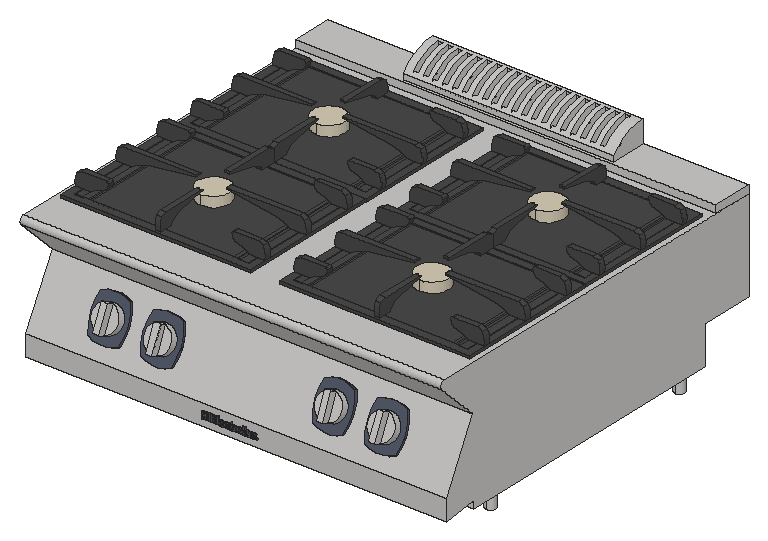
Revit family "QF_ELECTROLUXPROFESSIONAL_371401_E7AAKTAOMEI", category Attrezzature speciali, Revit 2018
Family settings
  Quota connettore circolare = Usa diametro
  Tipo di parte = Normale
  Basato su piano di lavoro = No
  Sempre verticale = Sì
  Taglio con vuoti quando caricato = No
  Condiviso = No
  Punto di calcolo locali = No
Parameters (values of type "Standard")
  Weight = 38.00 kg
  Watts = 0 W
  Volts = 0 V
  URL Manufacturer = "https://www.electroluxprofessional.com/"
  URL = "https://www.electroluxprofessional.com/"
  Steam Supply Size = 0"
  Steam Supply Minimum Pressure = 0.00 psi
  Steam Supply Maximum Pressure = 0.00 psi
  Steam Consumption per Hour = 0
  Show Logo [instance] = yes
  Show Clearance [instance] = yes
  Refrigeration Suction Line Size = 0 mm
  Refrigeration Liquid Line Size = 0 mm
  Refrigerant Compressor Remote = yes
  Phase = 0
  Modello = "E7AAKTAOMEI"
  Produttore = "Electrolux Professional"
  Length Actual = 800 mm  # constant formula
  Item Number = "371401"
  Hot Water Size = 0"
  Height Actual = 250 mm  # constant formula
  HP = "0 HP"
  Gas Size = 1/2"
  Gas KW = 22
  Gas Input Pressure = 0.738606 Btu/h
  Direct Waste Size = 0"
  Descrizione = "4-BURNER GAS BOILING TOP 800MM - QMARK"
  Depth Actual = 730 mm  # constant formula
  Cycle = 0 Hz
  Condensate Return Size = 0"
  Compressed Air Volume = 0 GPM
  Compressed Air Size = 0"
  Compressed Air Pressure = 0.00 psi
  Cold Water Size = 0"
  Assembly Code = ""
  Accessory = yes
Values of the unnamed type that differ from the named types
  Weight = 0.00 kg
  URL Manufacturer = ""
  Item Number = ""
  HP = ""
  Gas KW = 0
  Gas Input Pressure = 0.0 Btu/h
Reference planes
  plane 1 "BACK": y = 0
  plane 2: z = 0
  plane 3 "LEFT": x = 0
  plane 4 "RIGHT": x = 800
  plane 5 "FRONT": y = -730
  plane 6 "TOP": z = 303.188
  plane 7 "Center Y": x = 400
  plane 8 "Center X": y = -365
  plane 9 "Base Height": z = 23.813
  plane 10: z = 274.613
  plane 11: z = 331.787
Forms (mm)
  Extrusion 1, solid, material "QF_Finishes_Stainless Steel"
    sketch origin (0, 0, 0) x (0, 1, 0) y (0, 0, 1)
      loop
        line (0, 98.425) -> (0, 274.612) -> (-721.5, 274.612)
        arc (-721.5, 274.612) -> (-729.472, 269.285) -> (-727.602, 259.881) r 8.63
        line (-727.602, 259.881) -> (-654.039, 186.318) -> (-715.962, 68.584) -> (-715.962, 30.162) -> (-655.839, 38.612)
        arc (-655.839, 38.612) -> (-653.314, 37.864) -> (-652.222, 35.468) r 3.175
        line (-652.222, 35.468) -> (-652.222, 23.813) -> (-103.188, 23.813) -> (-103.188, 98.425) -> (0, 98.425)
    from 0 to 800
  Extrusion 2, solid, material "QF_Finishes_Stainless Steel"
    sketch origin (0, 0, 0) x (0, 1, 0) y (0, 0, 1)
      loop
        line (0, 274.612) -> (0, 288.9) -> (-76.2, 288.9) -> (-76.2, 274.612) -> (0, 274.612)
    from 0 to 800
  Extrusion 3, solid, material "QF_Finishes_Stainless Steel"
    sketch origin (0, 0, 0) x (1, 0, 0) y (0, 1, 0)
      loop
        circle (11.112, -149.225) r 9.525
      loop
        circle (788.888, -149.225) r 9.525
      loop
        circle (11.112, -598.488) r 9.525
      loop
        circle (788.888, -598.488) r 9.525
    from 0 to 23.812
  Extrusion 4, solid, material "QF_Finishes_Stainless Steel"
    sketch origin (0, -103.188, 23.813) x (0, 0, 1) y (1, 0, 0)
      loop
        circle (36.513, 400) r 6.35
    from 0 to 26.988
  Extrusion 5, solid, material "QF_Finishes_Navy Blue", visible <- "Show Logo"
    sketch origin (47.249, -715.962, 35.665) x (0, 0, 1) y (-1, 0, 0)
      loop
        line (20.674, -296.698) -> (8.307, -296.698)
        arc (8.307, -296.698) -> (14.491, -301.27) -> (20.674, -296.698) r 6.467
      loop
        arc (20.674, -296.069) -> (19.505, -290.926) -> (14.849, -288.448) r 6.338
        line (14.849, -288.448) -> (14.849, -290.494)
        arc (14.849, -290.494) -> (16.333, -294.149) -> (19.778, -296.069) r 5.941
        line (19.778, -296.069) -> (20.674, -296.069)
      loop
        arc (9.203, -296.069) -> (12.648, -294.149) -> (14.132, -290.494) r 5.941
        line (14.132, -290.494) -> (14.132, -288.448)
        arc (14.132, -288.448) -> (9.438, -290.922) -> (8.148, -296.069) r 6.504
        line (8.148, -296.069) -> (9.203, -296.069)
      loop
        line (21.349, -287.979) -> (7.604, -287.979) -> (7.604, -301.742) -> (21.349, -301.742) -> (21.349, -287.979)
      loop
        arc (21.432, -304.71) -> (21.085, -304.352) -> (20.718, -304.69) r 0.358
        arc (20.718, -304.69) -> (20.404, -305.44) -> (19.687, -305.825) r 1.216
        line (19.687, -305.825) -> (9.274, -305.825)
        arc (9.274, -305.825) -> (8.614, -305.548) -> (8.218, -304.951) r 1.238
        arc (8.218, -304.951) -> (7.823, -304.7) -> (7.518, -305.054) r 0.358
        line (7.518, -305.054) -> (7.518, -314.933) -> (10.269, -314.933) -> (10.269, -314.036)
        arc (10.269, -314.036) -> (9.36, -313.456) -> (8.904, -312.479) r 1.928
        line (8.904, -312.479) -> (8.904, -309.98)
        arc (8.904, -309.98) -> (9.18, -309.251) -> (9.868, -308.887) r 1.101
        line (9.868, -308.887) -> (13.955, -308.887) -> (13.955, -312.561)
        arc (13.955, -312.561) -> (13.602, -313.058) -> (13.037, -313.286) r 1.083
        arc (13.037, -313.286) -> (12.773, -313.591) -> (13.065, -313.869) r 0.292
        line (13.065, -313.869) -> (16.028, -313.869)
        arc (16.028, -313.869) -> (16.33, -313.596) -> (16.092, -313.266) r 0.305
        arc (16.092, -313.266) -> (15.601, -313.018) -> (15.296, -312.561) r 1.083
        line (15.296, -312.561) -> (15.296, -308.887) -> (19.973, -308.887) -> (19.973, -312.635)
        arc (19.973, -312.635) -> (19.759, -313.39) -> (19.153, -313.888) r 1.314
        arc (19.153, -313.888) -> (18.934, -314.292) -> (19.288, -314.585) r 0.361
        line (19.288, -314.585) -> (21.432, -314.585) -> (21.432, -304.71)
      loop
        arc (20.715, -315.365) -> (20.335, -316.284) -> (19.416, -316.664) r 1.299
        line (19.416, -316.664) -> (9.837, -316.664)
        arc (9.837, -316.664) -> (8.999, -316.286) -> (8.728, -315.408) r 1.118
        line (8.728, -315.408) -> (7.518, -315.408) -> (7.518, -320.758) -> (8.706, -320.758)
        arc (8.706, -320.758) -> (8.978, -319.841) -> (9.848, -319.445) r 1.153
        line (9.848, -319.445) -> (21.92, -319.445) -> (20.715, -315.365)
      loop
        line (12.483, -323.394) -> (12.483, -329.842) -> (13.282, -329.842)
        arc (13.282, -329.842) -> (15.862, -328.857) -> (17.131, -326.404) r 3.874
        line (17.131, -326.404) -> (17.131, -324.643)
        arc (17.131, -324.643) -> (15.944, -321.778) -> (13.08, -320.592) r 4.051
        line (13.08, -320.592) -> (11.072, -320.592)
        arc (11.072, -320.592) -> (8.253, -322.077) -> (7.202, -325.084) r 4.352
        arc (7.202, -325.084) -> (7.566, -327.547) -> (8.943, -329.621) r 5.713
        line (8.943, -329.621) -> (9.892, -329.621)
        arc (9.892, -329.621) -> (9.16, -328.052) -> (8.943, -326.334) r 5.579
        arc (8.943, -326.334) -> (9.737, -324.371) -> (11.616, -323.394) r 3.057
        line (11.616, -323.394) -> (12.483, -323.394)
      loop
        line (13.742, -323.394) -> (13.742, -326.977)
        arc (13.742, -326.977) -> (15.199, -327.024) -> (16.082, -325.864) r 1.59
        line (16.082, -325.864) -> (16.082, -325.034)
        arc (16.082, -325.034) -> (15.217, -323.779) -> (13.742, -323.394) r 2.184
      loop
        arc (16.533, -339.259) -> (17.022, -337.585) -> (17.179, -335.848) r 9.023
        line (17.179, -335.848) -> (17.179, -334.486)
        arc (17.179, -334.486) -> (16.02, -331.686) -> (13.22, -330.527) r 3.959
        line (13.22, -330.527) -> (10.62, -330.527)
        arc (10.62, -330.527) -> (8.338, -331.819) -> (7.221, -334.192) r 4.331
        line (7.221, -334.192) -> (7.221, -336.327)
        arc (7.221, -336.327) -> (7.729, -337.877) -> (8.651, -339.223) r 5.772
        arc (8.651, -339.223) -> (9.412, -339.274) -> (9.499, -338.515) r 0.553
        arc (9.499, -338.515) -> (9.111, -337.781) -> (8.977, -336.962) r 2.573
        line (8.977, -336.962) -> (8.977, -335.447)
        arc (8.977, -335.447) -> (9.983, -333.806) -> (11.798, -333.163) r 2.884
        line (11.798, -333.163) -> (13.077, -333.163)
        arc (13.077, -333.163) -> (14.898, -333.723) -> (15.824, -335.388) r 2.554
        line (15.824, -335.388) -> (15.824, -336.441)
        arc (15.824, -336.441) -> (15.493, -337.369) -> (14.836, -338.104) r 2.564
        arc (14.836, -338.104) -> (14.614, -338.821) -> (15.223, -339.259) r 0.643
        line (15.223, -339.259) -> (16.533, -339.259)
      loop
        line (15.515, -339.53) -> (15.515, -341.031) -> (9.467, -341.031)
        arc (9.467, -341.031) -> (7.879, -341.688) -> (7.221, -343.276) r 2.246
        line (7.221, -343.276) -> (7.221, -344.86)
        arc (7.221, -344.86) -> (7.535, -345.725) -> (8.035, -346.496) r 4.06
        arc (8.035, -346.496) -> (8.768, -346.629) -> (9.019, -345.928) r 0.576
        arc (9.019, -345.928) -> (8.913, -345.403) -> (8.977, -344.87) r 1.69
        arc (8.977, -344.87) -> (9.519, -344.082) -> (10.425, -343.779) r 1.506
        line (10.425, -343.779) -> (15.563, -343.779) -> (15.563, -346.176) -> (16.119, -346.733) -> (16.941, -346.733) -> (16.941, -343.873) -> (20.172, -343.873) -> (15.515, -339.53)
      loop
        line (7.438, -347.63) -> (7.438, -353.017) -> (8.548, -353.017)
        arc (8.548, -353.017) -> (8.942, -352.066) -> (9.893, -351.672) r 1.345
        line (9.893, -351.672) -> (13.509, -351.672)
        arc (13.509, -351.672) -> (14.274, -352.264) -> (14.564, -353.186) r 1.615
        line (14.564, -353.186) -> (14.564, -354.742) -> (17.119, -355.427) -> (17.119, -354.044) -> (15.177, -351.485) -> (17.057, -351.485) -> (16.773, -348.779)
        arc (16.773, -348.779) -> (16.333, -348.249) -> (15.674, -348.45) r 0.621
        arc (15.674, -348.45) -> (15.274, -348.792) -> (14.78, -348.975) r 1.501
        line (14.78, -348.975) -> (9.893, -348.975)
        arc (9.893, -348.975) -> (8.942, -348.581) -> (8.548, -347.63) r 1.345
        line (8.548, -347.63) -> (7.438, -347.63)
      loop
        line (13.54, -354.964) -> (10.848, -354.964)
        arc (10.848, -354.964) -> (8.403, -356.272) -> (7.269, -358.803) r 4.288
        arc (7.269, -358.803) -> (7.205, -360.183) -> (7.269, -361.563) r 15.022
        arc (7.269, -361.563) -> (8.403, -364.094) -> (10.848, -365.401) r 4.288
        line (10.848, -365.401) -> (13.54, -365.401)
        arc (13.54, -365.401) -> (15.986, -364.094) -> (17.119, -361.563) r 4.288
        arc (17.119, -361.563) -> (17.183, -360.183) -> (17.119, -358.803) r 15.022
        arc (17.119, -358.803) -> (15.986, -356.272) -> (13.54, -354.964) r 4.288
      loop
        line (13.745, -358.078) -> (10.643, -358.078)
        arc (10.643, -358.078) -> (8.486, -360.235) -> (10.643, -362.392) r 2.157
        line (10.643, -362.392) -> (13.745, -362.392)
        arc (13.745, -362.392) -> (15.902, -360.235) -> (13.745, -358.078) r 2.157
      loop
        arc (20.726, -365.26) -> (20.355, -366.154) -> (19.461, -366.524) r 1.264
        line (19.461, -366.524) -> (9.597, -366.524)
        arc (9.597, -366.524) -> (8.727, -366.127) -> (8.455, -365.211) r 1.153
        line (8.455, -365.211) -> (7.518, -365.211) -> (7.518, -370.319) -> (8.446, -370.319)
        arc (8.446, -370.319) -> (8.805, -369.547) -> (9.597, -369.232) r 1.153
        line (9.597, -369.232) -> (21.92, -369.232) -> (20.726, -365.26)
      loop
        arc (15.846, -369.857) -> (15.647, -370.921) -> (14.678, -371.403) r 1.215
        line (14.678, -371.403) -> (9.658, -371.403)
        arc (9.658, -371.403) -> (8.043, -372.051) -> (7.322, -373.634) r 2.338
        line (7.322, -373.634) -> (7.322, -375.148)
        arc (7.322, -375.148) -> (7.497, -376.152) -> (7.999, -377.038) r 2.979
        line (7.999, -377.038) -> (7.518, -378.835) -> (7.518, -380.524) -> (16.943, -380.524) -> (16.649, -376.32) -> (15.863, -376.32)
        arc (15.863, -376.32) -> (15.507, -377.156) -> (14.755, -377.665) r 1.605
        line (14.755, -377.665) -> (9.652, -377.665)
        arc (9.652, -377.665) -> (9.232, -376.728) -> (9.159, -375.704) r 2.94
        arc (9.159, -375.704) -> (9.72, -374.603) -> (10.873, -374.16) r 1.724
        line (10.873, -374.16) -> (17.07, -374.16) -> (15.846, -369.857)
      loop
        line (16.874, -381.377) -> (15.202, -383.423) -> (12.028, -385.729) -> (8.572, -382.617)
        arc (8.572, -382.617) -> (8.335, -382.223) -> (8.357, -381.764) r 0.789
        line (8.357, -381.764) -> (7.518, -381.764) -> (7.518, -385.309) -> (8.344, -385.309)
        arc (8.344, -385.309) -> (8.686, -384.947) -> (9.176, -385.039) r 0.52
        line (9.176, -385.039) -> (10.976, -386.51) -> (8.858, -387.886)
        arc (8.858, -387.886) -> (8.457, -387.576) -> (8.37, -387.076) r 0.7
        line (8.37, -387.076) -> (7.518, -387.076) -> (7.518, -393.003) -> (8.405, -393.003)
        arc (8.405, -393.003) -> (8.472, -392.344) -> (8.866, -391.813) r 1.247
        line (8.866, -391.813) -> (13.066, -388.532) -> (15.513, -390.585) -> (16.874, -392.327) -> (16.874, -388.604) -> (15.389, -389.026) -> (13.868, -387.749) -> (15.568, -386.559) -> (16.874, -387.336) -> (16.874, -381.377)
    from 0 to 1.644
  Extrusion 6, solid, material "QF_Finishes_Clearance", visible <- "Show Clearance", detail levels coarse
    sketch origin (0, 0, 0) x (1, 0, 0) y (0, 1, 0)
      loop
        line (0, -730) -> (0, 0) -> (800, 0) -> (800, -730) -> (950, -730) -> (950, 150) -> (-150, 150) -> (-150, -730) -> (0, -730)
    from 0 to 331.787
  Extrusion 7, solid, material "QF_Finishes_Navy Blue"
    sketch origin (-402.256, -713.772, 69.003) x (0, 0.418102, 0.9084) y (-1, 0, 0)
      loop
        arc (102.623, -510.47) -> (67.041, -502.846) -> (31.333, -509.853) r 90.5
        arc (31.333, -509.853) -> (24.507, -539.04) -> (31.333, -568.228) r 65.817
        arc (31.333, -568.228) -> (67.04, -575.188) -> (102.623, -567.615) r 91.066
        arc (102.623, -567.615) -> (109.179, -539.043) -> (102.623, -510.47) r 65.546
    from 0 to 3.175
  Extrusion 8, solid, material "QF_Finishes_Stainless Steel"
    sketch origin (-23.506, -717.485, 68.529) x (0, 0.418102, 0.9084) y (-1, 0, 0)
      loop
        circle (68.826, -160.963) r 25.4
    from 0 to 12.7
  Extrusion 9, solid, material "QF_Finishes_Stainless Steel"
    sketch origin (-23.506, -729.022, 73.839) x (0, 0.418102, 0.9084) y (-1, 0, 0)
      loop
        arc (93.558, -166.749) -> (94.226, -160.963) -> (93.558, -155.177) r 25.4
        line (93.558, -155.177) -> (44.094, -155.177)
        arc (44.094, -155.177) -> (43.426, -160.963) -> (44.094, -166.749) r 25.4
        line (44.094, -166.749) -> (93.558, -166.749)
    from 0 to 12.7
  Extrusion 10, solid, material "QF_Finishes_Navy Blue"
    sketch origin (-302.256, -713.772, 69.003) x (0, 0.418102, 0.9084) y (-1, 0, 0)
      loop
        arc (102.623, -510.47) -> (67.041, -502.846) -> (31.333, -509.853) r 90.5
        arc (31.333, -509.853) -> (24.507, -539.04) -> (31.333, -568.228) r 65.817
        arc (31.333, -568.228) -> (67.04, -575.188) -> (102.623, -567.615) r 91.066
        arc (102.623, -567.615) -> (109.179, -539.043) -> (102.623, -510.47) r 65.546
    from 0 to 3.175
  Extrusion 11, solid, material "QF_Finishes_Stainless Steel"
    sketch origin (76.494, -717.485, 68.529) x (0, 0.418102, 0.9084) y (-1, 0, 0)
      loop
        circle (68.826, -160.963) r 25.4
    from 0 to 12.7
  Extrusion 12, solid, material "QF_Finishes_Stainless Steel"
    sketch origin (76.494, -729.022, 73.839) x (0, 0.418102, 0.9084) y (-1, 0, 0)
      loop
        arc (93.558, -166.749) -> (94.226, -160.963) -> (93.558, -155.177) r 25.4
        line (93.558, -155.177) -> (44.094, -155.177)
        arc (44.094, -155.177) -> (43.426, -160.963) -> (44.094, -166.749) r 25.4
        line (44.094, -166.749) -> (93.558, -166.749)
    from 0 to 12.7
  Extrusion 13, void
    sketch origin (234.989, 0, 288.925) x (-1, 0, 0) y (0, -1, 0)
      loop
        line (-335.017, 6.761) -> (-335.017, 63.911) -> (-344.313, 63.911) -> (-344.313, 6.761) -> (-335.017, 6.761)
      loop
        line (-316.325, 6.761) -> (-316.325, 63.911) -> (-325.62, 63.911) -> (-325.62, 6.761) -> (-316.325, 6.761)
      loop
        line (-297.632, 6.761) -> (-297.632, 63.911) -> (-306.928, 63.911) -> (-306.928, 6.761) -> (-297.632, 6.761)
      loop
        line (-278.94, 6.761) -> (-278.94, 63.911) -> (-288.235, 63.911) -> (-288.235, 6.761) -> (-278.94, 6.761)
      loop
        line (-260.247, 6.761) -> (-260.247, 63.911) -> (-269.543, 63.911) -> (-269.543, 6.761) -> (-260.247, 6.761)
      loop
        line (-241.554, 6.761) -> (-241.554, 63.911) -> (-250.85, 63.911) -> (-250.85, 6.761) -> (-241.554, 6.761)
      loop
        line (-222.862, 6.761) -> (-222.862, 63.911) -> (-232.157, 63.911) -> (-232.157, 6.761) -> (-222.862, 6.761)
      loop
        line (-204.169, 6.761) -> (-204.169, 63.911) -> (-213.465, 63.911) -> (-213.465, 6.761) -> (-204.169, 6.761)
      loop
        line (-185.476, 6.761) -> (-185.476, 63.911) -> (-194.772, 63.911) -> (-194.772, 6.761) -> (-185.476, 6.761)
      loop
        line (-166.784, 6.761) -> (-166.784, 63.911) -> (-176.08, 63.911) -> (-176.08, 6.761) -> (-166.784, 6.761)
      loop
        line (-148.091, 6.761) -> (-148.091, 63.911) -> (-157.387, 63.911) -> (-157.387, 6.761) -> (-148.091, 6.761)
      loop
        line (-129.399, 6.761) -> (-129.399, 63.911) -> (-138.694, 63.911) -> (-138.694, 6.761) -> (-129.399, 6.761)
      loop
        line (-110.706, 6.761) -> (-110.706, 63.911) -> (-120.002, 63.911) -> (-120.002, 6.761) -> (-110.706, 6.761)
      loop
        line (-92.013, 6.761) -> (-92.013, 63.911) -> (-101.309, 63.911) -> (-101.309, 6.761) -> (-92.013, 6.761)
      loop
        line (-73.321, 6.761) -> (-73.321, 63.911) -> (-82.617, 63.911) -> (-82.617, 6.761) -> (-73.321, 6.761)
      loop
        line (-54.628, 6.761) -> (-54.628, 63.911) -> (-63.924, 63.911) -> (-63.924, 6.761) -> (-54.628, 6.761)
      loop
        line (-35.936, 6.761) -> (-35.936, 63.911) -> (-45.231, 63.911) -> (-45.231, 6.761) -> (-35.936, 6.761)
      loop
        line (-17.243, 6.761) -> (-17.243, 63.911) -> (-26.539, 63.911) -> (-26.539, 6.761) -> (-17.243, 6.761)
      loop
        line (1.45, 6.761) -> (1.45, 63.911) -> (-7.846, 63.911) -> (-7.846, 6.761) -> (1.45, 6.761)
      loop
        line (20.142, 6.761) -> (20.142, 63.911) -> (10.846, 63.911) -> (10.846, 6.761) -> (20.142, 6.761)
    from 9.525 to 45.348
  Extrusion 14, solid, material "QF_Finishes_Stainless Steel"
    sketch origin (200, 0, 14.288) x (0, 1, 0) y (0, 0, 1)
      loop
        line (0, 274.613) -> (0, 317.5)
        arc (0, 317.5) -> (-38.885, 309.109) -> (-69.85, 284.137) r 86.116
        line (-69.85, 284.137) -> (-69.85, 274.613) -> (0, 274.613)
    from 0 to 400
  Extrusion 15, solid, material "QF_Finishes_Navy Blue"
    sketch origin (1202.256, -713.772, 69.003) x (0, 0.418102, 0.9084) y (-1, 0, 0)
      loop
        arc (102.623, 510.47) -> (109.179, 539.043) -> (102.623, 567.615) r 65.546
        arc (102.623, 567.615) -> (67.04, 575.188) -> (31.333, 568.228) r 91.066
        arc (31.333, 568.228) -> (24.507, 539.04) -> (31.333, 509.853) r 65.817
        arc (31.333, 509.853) -> (67.041, 502.846) -> (102.623, 510.47) r 90.5
    from 0 to 3.175
  Extrusion 16, solid, material "QF_Finishes_Stainless Steel"
    sketch origin (1581.006, -717.485, 68.529) x (0, 0.418102, 0.9084) y (-1, 0, 0)
      loop
        circle (68.826, 918.463) r 25.4
    from 0 to 12.7
  Extrusion 17, solid, material "QF_Finishes_Stainless Steel"
    sketch origin (1581.006, -729.022, 73.839) x (0, 0.418102, 0.9084) y (-1, 0, 0)
      loop
        line (93.558, 924.249) -> (44.094, 924.249)
        arc (44.094, 924.249) -> (43.426, 918.463) -> (44.094, 912.677) r 25.4
        line (44.094, 912.677) -> (93.558, 912.677)
        arc (93.558, 912.677) -> (94.226, 918.463) -> (93.558, 924.249) r 25.4
    from 0 to 12.7
  Extrusion 18, solid, material "QF_Finishes_Navy Blue"
    sketch origin (1102.256, -713.772, 69.003) x (0, 0.418102, 0.9084) y (-1, 0, 0)
      loop
        arc (102.623, 510.47) -> (109.179, 539.043) -> (102.623, 567.615) r 65.546
        arc (102.623, 567.615) -> (67.04, 575.188) -> (31.333, 568.228) r 91.066
        arc (31.333, 568.228) -> (24.507, 539.04) -> (31.333, 509.853) r 65.817
        arc (31.333, 509.853) -> (67.041, 502.846) -> (102.623, 510.47) r 90.5
    from 0 to 3.175
  Extrusion 19, solid, material "QF_Finishes_Stainless Steel"
    sketch origin (1481.006, -717.485, 68.529) x (0, 0.418102, 0.9084) y (-1, 0, 0)
      loop
        circle (68.826, 918.463) r 25.4
    from 0 to 12.7
  Extrusion 20, solid, material "QF_Finishes_Stainless Steel"
    sketch origin (1481.006, -729.022, 73.839) x (0, 0.418102, 0.9084) y (-1, 0, 0)
      loop
        line (93.558, 924.249) -> (44.094, 924.249)
        arc (44.094, 924.249) -> (43.426, 918.463) -> (44.094, 912.677) r 25.4
        line (44.094, 912.677) -> (93.558, 912.677)
        arc (93.558, 912.677) -> (94.226, 918.463) -> (93.558, 924.249) r 25.4
    from 0 to 12.7
Cuts and joins
  Extrusion 13 cuts Extrusion 6
  Extrusion 13 cuts Extrusion 14
Lines and regions (mm)
  symbolic lines
    curve 1: line (0, -730.129, 0) -> (800, -730.129, 0)
    curve 2: line (0, 0, 0) -> (0, -730.129, 0)
    curve 3: line (800, 0, 0) -> (0, 0, 0)
    curve 4: line (800, -730.129, 0) -> (800, 0, 0)
    curve 5: line (0, -76.2, 0) -> (800, -76.2, 0)
    curve 6: line (0, -69.85, 0) -> (800, -69.85, 0)
    curve 7: line (0, -715.962, 0) -> (800, -715.963, 0)
    curve 11: line (214.847, -63.911, 0) -> (214.847, -6.761, 0)
    curve 12: line (214.847, -6.761, 0) -> (224.143, -6.761, 0)
    curve 13: line (224.143, -6.761, 0) -> (224.143, -63.911, 0)
    curve 14: line (224.143, -63.911, 0) -> (214.847, -63.911, 0)
    curve 15: line (233.539, -63.911, 0) -> (233.539, -6.761, 0)
    curve 16: line (233.539, -6.761, 0) -> (242.835, -6.761, 0)
    curve 17: line (242.835, -6.761, 0) -> (242.835, -63.911, 0)
    curve 18: line (242.835, -63.911, 0) -> (233.539, -63.911, 0)
    curve 19: line (252.232, -63.911, 0) -> (252.232, -6.761, 0)
    curve 20: line (252.232, -6.761, 0) -> (261.528, -6.761, 0)
    curve 21: line (261.528, -6.761, 0) -> (261.528, -63.911, 0)
    curve 22: line (261.528, -63.911, 0) -> (252.232, -63.911, 0)
    curve 23: line (270.925, -63.911, 0) -> (270.925, -6.761, 0)
    curve 24: line (270.925, -6.761, 0) -> (280.22, -6.761, 0)
    curve 25: line (280.22, -6.761, 0) -> (280.22, -63.911, 0)
    curve 26: line (280.22, -63.911, 0) -> (270.925, -63.911, 0)
    curve 27: line (289.617, -63.911, 0) -> (289.617, -6.761, 0)
    curve 28: line (289.617, -6.761, 0) -> (298.913, -6.761, 0)
    curve 29: line (298.913, -6.761, 0) -> (298.913, -63.911, 0)
    curve 30: line (298.913, -63.911, 0) -> (289.617, -63.911, 0)
    curve 31: line (308.31, -63.911, 0) -> (308.31, -6.761, 0)
    curve 32: line (308.31, -6.761, 0) -> (317.606, -6.761, 0)
    curve 33: line (317.606, -6.761, 0) -> (317.606, -63.911, 0)
    curve 34: line (317.606, -63.911, 0) -> (308.31, -63.911, 0)
    curve 35: line (327.002, -63.911, 0) -> (327.002, -6.761, 0)
    curve 36: line (327.002, -6.761, 0) -> (336.298, -6.761, 0)
    curve 37: line (336.298, -6.761, 0) -> (336.298, -63.911, 0)
    curve 38: line (336.298, -63.911, 0) -> (327.002, -63.911, 0)
    curve 39: line (345.695, -63.911, 0) -> (345.695, -6.761, 0)
    curve 40: line (345.695, -6.761, 0) -> (354.991, -6.761, 0)
    curve 41: line (354.991, -6.761, 0) -> (354.991, -63.911, 0)
    curve 42: line (354.991, -63.911, 0) -> (345.695, -63.911, 0)
    curve 43: line (364.388, -63.911, 0) -> (364.388, -6.761, 0)
    curve 44: line (364.388, -6.761, 0) -> (373.683, -6.761, 0)
    curve 45: line (373.683, -6.761, 0) -> (373.683, -63.911, 0)
    curve 46: line (373.683, -63.911, 0) -> (364.388, -63.911, 0)
    curve 47: line (383.08, -63.911, 0) -> (383.08, -6.761, 0)
    curve 48: line (383.08, -6.761, 0) -> (392.376, -6.761, 0)
    curve 49: line (392.376, -6.761, 0) -> (392.376, -63.911, 0)
    curve 50: line (392.376, -63.911, 0) -> (383.08, -63.911, 0)
    curve 51: line (401.773, -63.911, 0) -> (401.773, -6.761, 0)
    curve 52: line (401.773, -6.761, 0) -> (411.069, -6.761, 0)
    curve 53: line (411.069, -6.761, 0) -> (411.069, -63.911, 0)
    curve 54: line (411.069, -63.911, 0) -> (401.773, -63.911, 0)
    curve 55: line (420.466, -63.911, 0) -> (420.466, -6.761, 0)
    curve 56: line (420.466, -6.761, 0) -> (429.761, -6.761, 0)
    curve 57: line (429.761, -6.761, 0) -> (429.761, -63.911, 0)
    curve 58: line (429.761, -63.911, 0) -> (420.466, -63.911, 0)
    curve 59: line (439.158, -63.911, 0) -> (439.158, -6.761, 0)
    curve 60: line (439.158, -6.761, 0) -> (448.454, -6.761, 0)
    curve 61: line (448.454, -6.761, 0) -> (448.454, -63.911, 0)
    curve 62: line (448.454, -63.911, 0) -> (439.158, -63.911, 0)
    curve 63: line (570.006, -63.911, 0) -> (570.006, -6.761, 0)
    curve 64: line (570.006, -6.761, 0) -> (579.302, -6.761, 0)
    curve 65: line (579.302, -6.761, 0) -> (579.302, -63.911, 0)
    curve 66: line (579.302, -63.911, 0) -> (570.006, -63.911, 0)
    curve 67: line (551.314, -63.911, 0) -> (551.314, -6.761, 0)
    curve 68: line (551.314, -6.761, 0) -> (560.61, -6.761, 0)
    curve 69: line (560.61, -6.761, 0) -> (560.61, -63.911, 0)
    curve 70: line (560.61, -63.911, 0) -> (551.314, -63.911, 0)
    curve 71: line (532.621, -63.911, 0) -> (532.621, -6.761, 0)
    curve 72: line (532.621, -6.761, 0) -> (541.917, -6.761, 0)
    curve 73: line (541.917, -6.761, 0) -> (541.917, -63.911, 0)
    curve 74: line (541.917, -63.911, 0) -> (532.621, -63.911, 0)
    curve 75: line (513.929, -63.911, 0) -> (513.929, -6.761, 0)
    curve 76: line (513.929, -6.761, 0) -> (523.224, -6.761, 0)
    curve 77: line (523.224, -6.761, 0) -> (523.224, -63.911, 0)
    curve 78: line (523.224, -63.911, 0) -> (513.929, -63.911, 0)
    curve 79: line (495.236, -63.911, 0) -> (495.236, -6.761, 0)
    curve 80: line (495.236, -6.761, 0) -> (504.532, -6.761, 0)
    curve 81: line (504.532, -6.761, 0) -> (504.532, -63.911, 0)
    curve 82: line (504.532, -63.911, 0) -> (495.236, -63.911, 0)
    curve 83: line (476.543, -63.911, 0) -> (476.543, -6.761, 0)
    curve 84: line (476.543, -6.761, 0) -> (485.839, -6.761, 0)
    curve 85: line (485.839, -6.761, 0) -> (485.839, -63.911, 0)
    curve 86: line (485.839, -63.911, 0) -> (476.543, -63.911, 0)
    curve 87: line (457.851, -63.911, 0) -> (457.851, -6.761, 0)
    curve 88: line (457.851, -6.761, 0) -> (467.146, -6.761, 0)
    curve 89: line (467.146, -6.761, 0) -> (467.146, -63.911, 0)
    curve 90: line (467.146, -63.911, 0) -> (457.851, -63.911, 0)
  symbolic lines, style "QF-Clearances", visible <- "Show Clearance", detail levels coarse
    curve 8: line (-150, -730, 0) -> (-150, 150, 0)
    curve 9: line (-150, 150, 0) -> (950, 150, 0)
    curve 10: line (950, 150, 0) -> (950, -730, 0)
Dimensions and locks
  equal spacing: plane 3 "LEFT", plane 7 "Center Y", plane 4 "RIGHT"
  plane 3 "LEFT" to plane 4 "RIGHT" = 800 mm
  equal spacing: plane 5 "FRONT", plane 8 "Center X", plane 1 "BACK"
  plane 5 "FRONT" to plane 1 "BACK" = 730 mm
  plane 9 "Base Height" to level = 23.812 mm
  plane 10 to plane 9 "Base Height" = 250.8 mm
  plane 6 "TOP" to plane 10 = 28.575 mm
  plane 11 to level = 331.788 mm
  aligned and locked: level to plane 2
Automatic sketch dimensions
  plane 5 "FRONT" to curve 8 = 0 mm
  curve 2 to plane 3 "LEFT" = 0 mm
  curve 5 to plane 4 "RIGHT" = 0 mm
  plane 5 "FRONT" to curve 10 = 0 mm
  plane 1 "BACK" to curve 3 = 0 mm
  curve 8 to plane 3 "LEFT" = 150 mm
  plane 1 "BACK" to curve 14 = 63.911 mm
  curve 14 to plane 7 "Center Y" = 185.153 mm
  curve 11 to curve 12 = 9.296 mm
  curve 12 to curve 16 = 9.397 mm
  curve 15 to curve 17 = 9.296 mm
  curve 17 to curve 22 = 9.397 mm
  curve 19 to curve 21 = 9.296 mm
  curve 20 to curve 23 = 9.397 mm
  curve 23 to curve 25 = 9.296 mm
  curve 24 to curve 27 = 9.397 mm
  curve 27 to curve 30 = 9.296 mm
  curve 29 to curve 31 = 9.397 mm
  curve 31 to curve 33 = 9.296 mm
  curve 33 to curve 38 = 9.397 mm
  curve 35 to curve 38 = 9.296 mm
  curve 37 to curve 42 = 9.397 mm
  curve 39 to curve 41 = 9.296 mm
  curve 40 to curve 43 = 9.397 mm
  curve 43 to curve 45 = 9.296 mm
  curve 44 to curve 48 = 9.397 mm
  curve 49 to plane 7 "Center Y" = 7.624 mm
  plane 7 "Center Y" to curve 54 = 1.773 mm
  curve 51 to curve 53 = 9.296 mm
  curve 52 to curve 56 = 9.397 mm
  curve 55 to curve 57 = 9.296 mm
  curve 56 to curve 59 = 9.397 mm
  curve 59 to curve 60 = 9.296 mm
  curve 60 to curve 87 = 9.397 mm
  curve 87 to curve 88 = 9.296 mm
  curve 88 to curve 84 = 9.397 mm
  curve 83 to curve 85 = 9.296 mm
  curve 84 to curve 80 = 9.397 mm
  curve 79 to curve 82 = 9.296 mm
  curve 81 to curve 78 = 9.397 mm
  curve 75 to curve 77 = 9.296 mm
  curve 77 to curve 71 = 9.397 mm
  curve 71 to curve 73 = 9.296 mm
  curve 73 to curve 67 = 9.397 mm
  curve 67 to curve 68 = 9.296 mm
  curve 68 to curve 63 = 9.397 mm
  curve 63 to curve 66 = 9.296 mm
  plane 4 "RIGHT" to curve 10 = 150 mm
  plane 5 "FRONT" to curve 2 = 0.129 mm
  curve 7 to plane 5 "FRONT" = 14.038 mm
  plane 1 "BACK" to curve 5 = 76.2 mm
  curve 5 to curve 6 = 6.35 mm
  plane 1 "BACK" to curve 87 = 63.911 mm
  curve 89 to curve 86 = 0 mm
  curve 85 to curve 82 = 0 mm
  curve 81 to curve 78 = 0 mm
  curve 13 to curve 15 = 0 mm
  curve 77 to curve 74 = 0 mm
  curve 17 to curve 19 = 0 mm
  curve 73 to curve 70 = 0 mm
  curve 21 to curve 23 = 0 mm
  curve 69 to curve 66 = 0 mm
  curve 25 to curve 27 = 0 mm
  curve 62 to curve 87 = 0 mm
  curve 29 to curve 31 = 0 mm
  curve 58 to curve 59 = 0 mm
  curve 33 to curve 35 = 0 mm
  curve 54 to curve 55 = 0 mm
  curve 37 to curve 39 = 0 mm
  curve 50 to curve 51 = 0 mm
  curve 41 to curve 43 = 0 mm
  plane 1 "BACK" to curve 45 = 6.761 mm
  plane 1 "BACK" to curve 47 = 6.761 mm
  plane 1 "BACK" to curve 41 = 6.761 mm
  plane 1 "BACK" to curve 51 = 6.761 mm
  plane 1 "BACK" to curve 37 = 6.761 mm
  plane 1 "BACK" to curve 55 = 6.761 mm
  plane 1 "BACK" to curve 33 = 6.761 mm
  plane 1 "BACK" to curve 59 = 6.761 mm
  plane 1 "BACK" to curve 29 = 6.761 mm
  plane 1 "BACK" to curve 63 = 6.761 mm
  plane 1 "BACK" to curve 25 = 6.761 mm
  plane 1 "BACK" to curve 67 = 6.761 mm
  plane 1 "BACK" to curve 21 = 6.761 mm
  plane 1 "BACK" to curve 71 = 6.761 mm
  plane 1 "BACK" to curve 17 = 6.761 mm
  plane 1 "BACK" to curve 75 = 6.761 mm
  plane 1 "BACK" to curve 13 = 6.761 mm
  plane 1 "BACK" to curve 79 = 6.761 mm
  plane 1 "BACK" to curve 89 = 6.761 mm
  plane 1 "BACK" to curve 83 = 6.761 mm
  curve 9 to plane 1 "BACK" = 150 mm
  Extrusion 1 sketch curve to plane 10 = 0 mm
  Extrusion 1 sketch curve to plane 9 "Base Height" = 0 mm
  Extrusion 1 sketch curve to plane 1 "BACK" = 0 mm
  Extrusion 1 sketch curve to Extrusion 1 sketch curve = 103.188 mm
  plane 9 "Base Height" to Extrusion 1 sketch curve = 11.656 mm
  Extrusion 1 sketch curve to plane 5 "FRONT" = 77.778 mm
  Extrusion 1 sketch curve to plane 5 "FRONT" = 75.961 mm
  Extrusion 1 sketch curve to Extrusion 1 sketch curve = 3.175 mm
  plane 9 "Base Height" to Extrusion 1 sketch curve = 14.8 mm
  plane 9 "Base Height" to Extrusion 1 sketch curve = 6.35 mm
  Extrusion 1 sketch curve to plane 5 "FRONT" = 14.038 mm
  Extrusion 1 sketch curve to plane 5 "FRONT" = 8.5 mm
  Extrusion 1 sketch curve to plane 5 "FRONT" = 2.398 mm
  Extrusion 1 sketch curve to Extrusion 1 sketch curve = 38.422 mm
  plane 9 "Base Height" to Extrusion 1 sketch curve = 74.612 mm
  Extrusion 1 sketch curve to plane 10 = 88.295 mm
  Extrusion 1 sketch curve to plane 10 = 14.732 mm
  Extrusion 2 sketch curve to plane 10 = 0 mm
  Extrusion 2 sketch curve to plane 1 "BACK" = 0 mm
  Extrusion 2 sketch curve to plane 6 "TOP" = 14.287 mm
  plane 1 "BACK" to Extrusion 2 sketch curve = 76.2 mm
  Extrusion 3 sketch curve to Extrusion 3 sketch curve = 0 mm  (x8)
  plane 3 "LEFT" to Extrusion 3 sketch curve = 11.112 mm  (x2)
  Extrusion 3 sketch curve to plane 4 "RIGHT" = 11.112 mm  (x2)
  Extrusion 3 sketch curve to plane 5 "FRONT" = 121.987 mm  (x2)
  Extrusion 3 sketch curve to Extrusion 3 sketch curve = 9.525 mm  (x4)
  plane 1 "BACK" to Extrusion 3 sketch curve = 158.75 mm  (x2)
  Extrusion 1 to Extrusion 4 sketch curve = 36.513 mm
  Extrusion 1 to Extrusion 4 sketch curve = 400 mm
  plane 7 "Center Y" to Extrusion 5 sketch curve = 7.432 mm
  plane 9 "Base Height" to Extrusion 5 sketch curve = 14.013 mm
  plane 9 "Base Height" to Extrusion 5 sketch curve = 19.054 mm
  Extrusion 5 sketch curve to plane 7 "Center Y" = 7.891 mm
  Extrusion 5 sketch curve to Extrusion 5 sketch curve = 5.06 mm
  Extrusion 5 sketch curve to Extrusion 5 sketch curve = 0 mm  (x28)
  Extrusion 5 sketch curve to Extrusion 5 sketch curve = 5.108 mm  (x2)
  Extrusion 5 sketch curve to Extrusion 5 sketch curve = 0.054 mm
  Extrusion 5 sketch curve to Extrusion 5 sketch curve = 0.218 mm
  Extrusion 5 sketch curve to Extrusion 5 sketch curve = 0.195 mm
  Extrusion 5 sketch curve to Extrusion 5 sketch curve = 0.249 mm
  plane 9 "Base Height" to Extrusion 5 sketch curve = 19.371 mm
  Extrusion 5 sketch curve to Extrusion 5 sketch curve = 0.087 mm
  Extrusion 5 sketch curve to Extrusion 5 sketch curve = 0.358 mm
  Extrusion 5 sketch curve to Extrusion 5 sketch curve = 0.481 mm
  Extrusion 5 sketch curve to Extrusion 5 sketch curve = 0.597 mm
  Extrusion 5 sketch curve to Extrusion 5 sketch curve = 0.544 mm
  Extrusion 5 sketch curve to Extrusion 5 sketch curve = 0.936 mm
  Extrusion 5 sketch curve to Extrusion 5 sketch curve = 0.594 mm
  Extrusion 5 sketch curve to Extrusion 5 sketch curve = 0.343 mm
  Extrusion 5 sketch curve to Extrusion 5 sketch curve = 0.159 mm
  Extrusion 5 sketch curve to Extrusion 5 sketch curve = 0.826 mm
  Extrusion 5 sketch curve to Extrusion 5 sketch curve = 0.839 mm
  Extrusion 5 sketch curve to Extrusion 5 sketch curve = 0.852 mm
  Extrusion 5 sketch curve to Extrusion 5 sketch curve = 0.887 mm
  Extrusion 5 sketch curve to Extrusion 5 sketch curve = 0.928 mm
  Extrusion 5 sketch curve to Extrusion 5 sketch curve = 0.938 mm
  Extrusion 5 sketch curve to Extrusion 5 sketch curve = 0.444 mm
  Extrusion 5 sketch curve to Extrusion 5 sketch curve = 1.11 mm  (x3)
  plane 7 "Center Y" to Extrusion 5 sketch curve = 0.266 mm
  Extrusion 5 sketch curve to Extrusion 5 sketch curve = 0.215 mm
  Extrusion 5 sketch curve to Extrusion 5 sketch curve = 1.43 mm
  Extrusion 5 sketch curve to Extrusion 5 sketch curve = 1.188 mm
  Extrusion 5 sketch curve to Extrusion 5 sketch curve = 1.21 mm  (x2)
  Extrusion 5 sketch curve to Extrusion 5 sketch curve = 0.503 mm
  Extrusion 5 sketch curve to Extrusion 5 sketch curve = 0.488 mm
  Extrusion 5 sketch curve to Extrusion 5 sketch curve = 0.462 mm
  Extrusion 5 sketch curve to Extrusion 5 sketch curve = 1.386 mm
  Extrusion 5 sketch curve to Extrusion 5 sketch curve = 1.742 mm  (x2)
  Extrusion 5 sketch curve to Extrusion 5 sketch curve = 0.821 mm
  Extrusion 5 sketch curve to Extrusion 5 sketch curve = 0.497 mm
  Extrusion 5 sketch curve to Extrusion 5 sketch curve = 0.539 mm
  Extrusion 5 sketch curve to Extrusion 5 sketch curve = 0.686 mm
  Extrusion 5 sketch curve to Extrusion 5 sketch curve = 0.408 mm
  Extrusion 5 sketch curve to Extrusion 5 sketch curve = 0.743 mm
  Extrusion 5 sketch curve to Extrusion 5 sketch curve = 1.16 mm
  Extrusion 5 sketch curve to Extrusion 5 sketch curve = 0.329 mm
  Extrusion 5 sketch curve to Extrusion 5 sketch curve = 1.054 mm
  Extrusion 5 sketch curve to Extrusion 5 sketch curve = 1.056 mm
  Extrusion 5 sketch curve to Extrusion 5 sketch curve = 0.129 mm
  Extrusion 5 sketch curve to Extrusion 5 sketch curve = 0.489 mm
  Extrusion 5 sketch curve to Extrusion 5 sketch curve = 0.441 mm
  Extrusion 5 sketch curve to Extrusion 5 sketch curve = 1.151 mm
  Extrusion 5 sketch curve to Extrusion 5 sketch curve = 1.141 mm  (x2)
  Extrusion 5 sketch curve to Extrusion 5 sketch curve = 0.768 mm
  Extrusion 5 sketch curve to Extrusion 5 sketch curve = 1.653 mm
  Extrusion 5 sketch curve to Extrusion 5 sketch curve = 0.499 mm
  Extrusion 5 sketch curve to Extrusion 5 sketch curve = 0.964 mm
  Extrusion 5 sketch curve to Extrusion 5 sketch curve = 0.949 mm
  Extrusion 5 sketch curve to Extrusion 5 sketch curve = 1.345 mm  (x2)
  Extrusion 5 sketch curve to Extrusion 5 sketch curve = 1.101 mm
  Extrusion 5 sketch curve to Extrusion 5 sketch curve = 0.432 mm
  Extrusion 5 sketch curve to Extrusion 5 sketch curve = 1.142 mm
  Extrusion 5 sketch curve to Extrusion 5 sketch curve = 0.959 mm
  Extrusion 5 sketch curve to Extrusion 5 sketch curve = 0.176 mm
  Extrusion 5 sketch curve to Extrusion 5 sketch curve = 0.728 mm
  Extrusion 5 sketch curve to Extrusion 5 sketch curve = 3.375 mm  (x2)
  Extrusion 5 sketch curve to Extrusion 5 sketch curve = 0.541 mm
  Extrusion 5 sketch curve to Extrusion 5 sketch curve = 0.955 mm
  Extrusion 5 sketch curve to Extrusion 5 sketch curve = 1.251 mm
  Extrusion 5 sketch curve to Extrusion 5 sketch curve = 0.572 mm
  Extrusion 5 sketch curve to Extrusion 5 sketch curve = 1.92 mm
  Extrusion 5 sketch curve to Extrusion 5 sketch curve = 1.224 mm
  Extrusion 5 sketch curve to Extrusion 5 sketch curve = 0.745 mm
  Extrusion 5 sketch curve to Extrusion 5 sketch curve = 2.537 mm
  Extrusion 5 sketch curve to Extrusion 5 sketch curve = 0.896 mm  (x3)
  Extrusion 5 sketch curve to Extrusion 5 sketch curve = 0.036 mm
  Extrusion 5 sketch curve to Extrusion 5 sketch curve = 2.607 mm
  Extrusion 5 sketch curve to Extrusion 5 sketch curve = 0.066 mm
  Extrusion 5 sketch curve to Extrusion 5 sketch curve = 0.248 mm
  Extrusion 5 sketch curve to Extrusion 5 sketch curve = 0.449 mm
  Extrusion 5 sketch curve to Extrusion 5 sketch curve = 1.052 mm
  Extrusion 5 sketch curve to Extrusion 5 sketch curve = 1.863 mm
  Extrusion 5 sketch curve to Extrusion 5 sketch curve = 1.31 mm  (x2)
  Extrusion 5 sketch curve to Extrusion 5 sketch curve = 0.901 mm
  Extrusion 5 sketch curve to Extrusion 5 sketch curve = 1.107 mm
  Extrusion 5 sketch curve to Extrusion 5 sketch curve = 2.122 mm
  plane 7 "Center Y" to Extrusion 5 sketch curve = 0.435 mm
  Extrusion 5 sketch curve to Extrusion 5 sketch curve = 2.101 mm
  Extrusion 5 sketch curve to Extrusion 5 sketch curve = 0.106 mm
  Extrusion 5 sketch curve to Extrusion 5 sketch curve = 0.029 mm
  Extrusion 5 sketch curve to Extrusion 5 sketch curve = 2.09 mm
  Extrusion 5 sketch curve to Extrusion 5 sketch curve = 1.279 mm
  Extrusion 5 sketch curve to Extrusion 5 sketch curve = 2.008 mm
  Extrusion 5 sketch curve to Extrusion 5 sketch curve = 0.738 mm
  Extrusion 5 sketch curve to Extrusion 5 sketch curve = 0.382 mm
  Extrusion 5 sketch curve to Extrusion 5 sketch curve = 0.384 mm
  Extrusion 5 sketch curve to Extrusion 5 sketch curve = 0.002 mm
  Extrusion 5 sketch curve to Extrusion 5 sketch curve = 0.561 mm
  Extrusion 5 sketch curve to Extrusion 5 sketch curve = 1.023 mm
  Extrusion 5 sketch curve to Extrusion 5 sketch curve = 2.692 mm
  Extrusion 5 sketch curve to Extrusion 5 sketch curve = 1.259 mm
  Extrusion 5 sketch curve to Extrusion 5 sketch curve = 0.802 mm
  Extrusion 5 sketch curve to Extrusion 5 sketch curve = 1.024 mm  (x2)
  Extrusion 5 sketch curve to Extrusion 5 sketch curve = 0.682 mm
  Extrusion 5 sketch curve to Extrusion 5 sketch curve = 5.934 mm
  Extrusion 5 sketch curve to Extrusion 5 sketch curve = 2.186 mm
  Extrusion 5 sketch curve to Extrusion 5 sketch curve = 0.337 mm
  Extrusion 5 sketch curve to Extrusion 5 sketch curve = 0.021 mm
  Extrusion 5 sketch curve to Extrusion 5 sketch curve = 1.005 mm
  Extrusion 5 sketch curve to Extrusion 5 sketch curve = 0.552 mm
  Extrusion 5 sketch curve to Extrusion 5 sketch curve = 0.778 mm
  Extrusion 5 sketch curve to Extrusion 5 sketch curve = 0.063 mm
  Extrusion 5 sketch curve to Extrusion 5 sketch curve = 3.804 mm
  Extrusion 5 sketch curve to Extrusion 5 sketch curve = 0.486 mm
  Extrusion 5 sketch curve to Extrusion 5 sketch curve = 0.266 mm  (x2)
  Extrusion 5 sketch curve to Extrusion 5 sketch curve = 1.547 mm
  Extrusion 5 sketch curve to Extrusion 5 sketch curve = 0.717 mm  (x2)
  Extrusion 5 sketch curve to Extrusion 5 sketch curve = 1.667 mm
  Extrusion 5 sketch curve to Extrusion 5 sketch curve = 3.174 mm
  Extrusion 5 sketch curve to Extrusion 5 sketch curve = 0.388 mm
  Extrusion 5 sketch curve to Extrusion 5 sketch curve = 1.342 mm
  Extrusion 5 sketch curve to Extrusion 5 sketch curve = 1.521 mm
  Extrusion 5 sketch curve to Extrusion 5 sketch curve = 0.124 mm
  Extrusion 5 sketch curve to Extrusion 5 sketch curve = 0.291 mm
  Extrusion 5 sketch curve to plane 7 "Center Y" = 6.575 mm
  Extrusion 5 sketch curve to Extrusion 5 sketch curve = 1.049 mm  (x2)
  Extrusion 5 sketch curve to Extrusion 5 sketch curve = 1.7 mm
  Extrusion 5 sketch curve to Extrusion 5 sketch curve = 0.894 mm
  Extrusion 5 sketch curve to Extrusion 5 sketch curve = 0.989 mm
  Extrusion 5 sketch curve to Extrusion 5 sketch curve = 1.168 mm
  Extrusion 5 sketch curve to Extrusion 5 sketch curve = 1.594 mm
  Extrusion 5 sketch curve to Extrusion 5 sketch curve = 0.731 mm
  Extrusion 5 sketch curve to Extrusion 5 sketch curve = 1.566 mm
  Extrusion 5 sketch curve to Extrusion 5 sketch curve = 0.064 mm
  Extrusion 5 sketch curve to plane 7 "Center Y" = 6.019 mm
  Extrusion 5 sketch curve to Extrusion 5 sketch curve = 0.556 mm  (x2)
  Extrusion 5 sketch curve to Extrusion 5 sketch curve = 0.48 mm
  Extrusion 5 sketch curve to Extrusion 5 sketch curve = 1.018 mm
  Extrusion 5 sketch curve to Extrusion 5 sketch curve = 0.787 mm
  Extrusion 5 sketch curve to Extrusion 5 sketch curve = 0.618 mm
  Extrusion 5 sketch curve to Extrusion 5 sketch curve = 1.672 mm
  Extrusion 5 sketch curve to Extrusion 5 sketch curve = 1.361 mm
  Extrusion 5 sketch curve to Extrusion 5 sketch curve = 0.822 mm
  Extrusion 5 sketch curve to Extrusion 5 sketch curve = 0.069 mm
  Extrusion 5 sketch curve to Extrusion 5 sketch curve = 1.88 mm
  Extrusion 5 sketch curve to Extrusion 5 sketch curve = 0.42 mm
  Extrusion 5 sketch curve to Extrusion 5 sketch curve = 0.062 mm
  Extrusion 5 sketch curve to Extrusion 5 sketch curve = 1.355 mm
  Extrusion 5 sketch curve to Extrusion 5 sketch curve = 2.34 mm
  Extrusion 5 sketch curve to Extrusion 5 sketch curve = 0.493 mm
  Extrusion 5 sketch curve to Extrusion 5 sketch curve = 0.136 mm
  Extrusion 5 sketch curve to Extrusion 5 sketch curve = 0.128 mm
  Extrusion 5 sketch curve to Extrusion 5 sketch curve = 3.616 mm
  Extrusion 5 sketch curve to Extrusion 5 sketch curve = 4.207 mm
  Extrusion 5 sketch curve to Extrusion 5 sketch curve = 0.183 mm
  Extrusion 5 sketch curve to Extrusion 5 sketch curve = 0.895 mm
  Extrusion 5 sketch curve to Extrusion 5 sketch curve = 1.314 mm
  Extrusion 5 sketch curve to Extrusion 5 sketch curve = 3.231 mm
  Extrusion 5 sketch curve to Extrusion 5 sketch curve = 1.299 mm
  Extrusion 5 sketch curve to Extrusion 5 sketch curve = 1.214 mm
  plane 7 "Center Y" to Extrusion 5 sketch curve = 12.508 mm
  Extrusion 5 sketch curve to Extrusion 5 sketch curve = 1.264 mm
  Extrusion 5 sketch curve to Extrusion 5 sketch curve = 0.109 mm
  Extrusion 5 sketch curve to Extrusion 5 sketch curve = 0.357 mm
  Extrusion 5 sketch curve to Extrusion 5 sketch curve = 0.565 mm
  Extrusion 5 sketch curve to Extrusion 5 sketch curve = 2.504 mm
  Extrusion 5 sketch curve to Extrusion 5 sketch curve = 2.459 mm
  Extrusion 5 sketch curve to Extrusion 5 sketch curve = 2.708 mm
  Extrusion 5 sketch curve to Extrusion 5 sketch curve = 3.333 mm
  Extrusion 5 sketch curve to Extrusion 5 sketch curve = 0.332 mm
  Extrusion 5 sketch curve to Extrusion 5 sketch curve = 1.087 mm
  Extrusion 5 sketch curve to Extrusion 5 sketch curve = 2.23 mm
  Extrusion 5 sketch curve to Extrusion 5 sketch curve = 2.757 mm
  Extrusion 5 sketch curve to Extrusion 5 sketch curve = 0.987 mm
  Extrusion 5 sketch curve to Extrusion 5 sketch curve = 1.529 mm
  Extrusion 5 sketch curve to Extrusion 5 sketch curve = 1.796 mm
  Extrusion 5 sketch curve to Extrusion 5 sketch curve = 2.859 mm
  Extrusion 5 sketch curve to Extrusion 5 sketch curve = 0.853 mm
  Extrusion 5 sketch curve to Extrusion 5 sketch curve = 1.241 mm
  Extrusion 5 sketch curve to Extrusion 5 sketch curve = 2.046 mm  (x2)
  Extrusion 5 sketch curve to Extrusion 5 sketch curve = 2.422 mm
  Extrusion 5 sketch curve to Extrusion 5 sketch curve = 0.27 mm  (x2)
  Extrusion 5 sketch curve to Extrusion 5 sketch curve = 0.69 mm
  Extrusion 5 sketch curve to Extrusion 5 sketch curve = 0.781 mm  (x2)
  Extrusion 5 sketch curve to Extrusion 5 sketch curve = 3.136 mm
  Extrusion 5 sketch curve to Extrusion 5 sketch curve = 1.767 mm
  Extrusion 5 sketch curve to Extrusion 5 sketch curve = 0.138 mm
  Extrusion 5 sketch curve to Extrusion 5 sketch curve = 0.777 mm
  Extrusion 5 sketch curve to Extrusion 5 sketch curve = 1.19 mm
  Extrusion 5 sketch curve to Extrusion 5 sketch curve = 0.782 mm
  Extrusion 5 sketch curve to Extrusion 5 sketch curve = 1.268 mm
  Extrusion 5 sketch curve to Extrusion 5 sketch curve = 0.422 mm  (x2)
  Extrusion 5 sketch curve to Extrusion 5 sketch curve = 1.559 mm
  Extrusion 5 sketch curve to Extrusion 5 sketch curve = 3.927 mm
  Extrusion 5 sketch curve to Extrusion 5 sketch curve = 0.983 mm
  Extrusion 5 sketch curve to Extrusion 5 sketch curve = 1.122 mm
  Extrusion 5 sketch curve to Extrusion 5 sketch curve = 1.153 mm
  Extrusion 5 sketch curve to Extrusion 5 sketch curve = 1.223 mm
  Extrusion 5 sketch curve to Extrusion 5 sketch curve = 0.934 mm
  plane 7 "Center Y" to Extrusion 5 sketch curve = 2.676 mm
  Extrusion 5 sketch curve to Extrusion 5 sketch curve = 0.222 mm
  plane 7 "Center Y" to Extrusion 5 sketch curve = 1.293 mm
  Extrusion 5 sketch curve to plane 7 "Center Y" = 1.266 mm
  Extrusion 5 sketch curve to Extrusion 5 sketch curve = 2.51 mm
  Extrusion 5 sketch curve to Extrusion 5 sketch curve = 0.131 mm
  Extrusion 5 sketch curve to Extrusion 5 sketch curve = 1.134 mm
  Extrusion 5 sketch curve to Extrusion 5 sketch curve = 0.094 mm
  Extrusion 5 sketch curve to Extrusion 5 sketch curve = 1.584 mm
  Extrusion 5 sketch curve to Extrusion 5 sketch curve = 1.501 mm
  Extrusion 5 sketch curve to Extrusion 5 sketch curve = 1.808 mm
  Extrusion 5 sketch curve to Extrusion 5 sketch curve = 0.643 mm
  Extrusion 5 sketch curve to Extrusion 5 sketch curve = 0.916 mm
  Extrusion 5 sketch curve to Extrusion 5 sketch curve = 0.352 mm
  Extrusion 5 sketch curve to Extrusion 5 sketch curve = 0.458 mm
  Extrusion 5 sketch curve to Extrusion 5 sketch curve = 1.282 mm
  Extrusion 5 sketch curve to Extrusion 5 sketch curve = 1.363 mm
  Extrusion 5 sketch curve to Extrusion 5 sketch curve = 0.685 mm
  Extrusion 5 sketch curve to Extrusion 5 sketch curve = 0.905 mm
  Extrusion 5 sketch curve to Extrusion 5 sketch curve = 2.865 mm
  Extrusion 5 sketch curve to Extrusion 5 sketch curve = 0.472 mm
  Extrusion 5 sketch curve to Extrusion 5 sketch curve = 0.101 mm
  Extrusion 5 sketch curve to Extrusion 5 sketch curve = 0.54 mm
  Extrusion 5 sketch curve to Extrusion 5 sketch curve = 0.02 mm
  Extrusion 5 sketch curve to Extrusion 5 sketch curve = 0.468 mm
  Extrusion 5 sketch curve to Extrusion 5 sketch curve = 0.829 mm
  Extrusion 5 sketch curve to Extrusion 5 sketch curve = 0.582 mm
  Extrusion 5 sketch curve to Extrusion 5 sketch curve = 0.166 mm
  Extrusion 5 sketch curve to Extrusion 5 sketch curve = 0.16 mm
  Extrusion 5 sketch curve to Extrusion 5 sketch curve = 2.781 mm
  Extrusion 5 sketch curve to Extrusion 5 sketch curve = 1.118 mm
  Extrusion 5 sketch curve to Extrusion 5 sketch curve = 0.613 mm
  Extrusion 5 sketch curve to Extrusion 5 sketch curve = 0.361 mm
  Extrusion 5 sketch curve to Extrusion 5 sketch curve = 0.897 mm
  Extrusion 5 sketch curve to Extrusion 5 sketch curve = 0.167 mm
  Extrusion 5 sketch curve to Extrusion 5 sketch curve = 0.292 mm
  Extrusion 5 sketch curve to Extrusion 5 sketch curve = 0.305 mm
  Extrusion 5 sketch curve to Extrusion 5 sketch curve = 1.557 mm
  Extrusion 5 sketch curve to Extrusion 5 sketch curve = 2.499 mm
  Extrusion 5 sketch curve to Extrusion 5 sketch curve = 3.062 mm
  Extrusion 5 sketch curve to Extrusion 5 sketch curve = 2.968 mm
  Extrusion 5 sketch curve to Extrusion 5 sketch curve = 5.044 mm
  Extrusion 5 sketch curve to Extrusion 5 sketch curve = 0.629 mm  (x2)
  Extrusion 5 sketch curve to Extrusion 5 sketch curve = 1.131 mm
  Extrusion 5 sketch curve to Extrusion 5 sketch curve = 0.137 mm
  Extrusion 5 sketch curve to Extrusion 5 sketch curve = 0.027 mm
  Extrusion 5 sketch curve to Extrusion 5 sketch curve = 2.235 mm
  plane 5 "FRONT" to Extrusion 6 sketch curve = 0 mm  (x2)
  plane 1 "BACK" to Extrusion 6 sketch curve = 0 mm
  Extrusion 6 sketch curve to plane 3 "LEFT" = 0 mm
  Extrusion 6 sketch curve to plane 4 "RIGHT" = 0 mm
  Extrusion 6 sketch curve to plane 3 "LEFT" = 150 mm
  plane 4 "RIGHT" to Extrusion 6 sketch curve = 150 mm
  Extrusion 6 sketch curve to plane 1 "BACK" = 150 mm
  plane 3 "LEFT" to Extrusion 7 sketch curve = 107.596 mm
  Extrusion 7 sketch curve to Extrusion 7 sketch curve = 0 mm
  Extrusion 7 sketch curve to Extrusion 7 sketch curve = 12.3 mm  (x3)
  Extrusion 7 sketch curve to Extrusion 7 sketch curve = 34.925 mm  (x2)
  Extrusion 7 sketch curve to Extrusion 7 sketch curve = 46.691 mm
  Extrusion 7 sketch curve to Extrusion 7 sketch curve = 0.617 mm
  Extrusion 7 sketch curve to Extrusion 7 sketch curve = 28.57 mm
  Extrusion 7 sketch curve to Extrusion 7 sketch curve = 29.185 mm
  Extrusion 9 sketch curve to Extrusion 9 sketch curve = 24.732 mm
  Extrusion 9 sketch curve to Extrusion 9 sketch curve = 0 mm
  Extrusion 10 sketch curve to plane 7 "Center Y" = 192.404 mm
  Extrusion 10 sketch curve to Extrusion 10 sketch curve = 0 mm
  Extrusion 10 sketch curve to Extrusion 10 sketch curve = 12.3 mm  (x3)
  Extrusion 10 sketch curve to Extrusion 10 sketch curve = 34.925 mm  (x2)
  Extrusion 10 sketch curve to Extrusion 10 sketch curve = 46.691 mm
  Extrusion 10 sketch curve to Extrusion 10 sketch curve = 0.617 mm
  Extrusion 10 sketch curve to Extrusion 10 sketch curve = 28.57 mm
  Extrusion 10 sketch curve to Extrusion 10 sketch curve = 29.185 mm
  Extrusion 12 sketch curve to Extrusion 12 sketch curve = 24.732 mm
  Extrusion 12 sketch curve to Extrusion 12 sketch curve = 0 mm
  plane 1 "BACK" to Extrusion 13 sketch curve = 6.761 mm  (x20)
  plane 7 "Center Y" to Extrusion 13 sketch curve = 179.302 mm
  Extrusion 13 sketch curve to Extrusion 13 sketch curve = 9.296 mm  (x19)
  Extrusion 13 sketch curve to Extrusion 13 sketch curve = 9.397 mm  (x18)
  plane 7 "Center Y" to Extrusion 13 sketch curve = 1.773 mm
  Extrusion 13 sketch curve to plane 7 "Center Y" = 7.624 mm
  Extrusion 13 sketch curve to Extrusion 13 sketch curve = 57.15 mm
  Extrusion 13 sketch curve to Extrusion 13 sketch curve = 0 mm  (x19)
  Extrusion 14 sketch curve to plane 1 "BACK" = 0 mm
  Extrusion 14 sketch curve to plane 11 = 0 mm
  plane 1 "BACK" to Extrusion 14 sketch curve = 1.769 mm
  Extrusion 14 sketch curve to plane 6 "TOP" = 4.763 mm
  plane 1 "BACK" to Extrusion 14 sketch curve = 69.85 mm
  Extrusion 14 sketch curve to plane 6 "TOP" = 14.287 mm
  Extrusion 15 sketch curve to plane 4 "RIGHT" = 107.596 mm
  Extrusion 15 sketch curve to Extrusion 15 sketch curve = 0 mm
  Extrusion 15 sketch curve to Extrusion 15 sketch curve = 12.3 mm  (x3)
  Extrusion 15 sketch curve to Extrusion 15 sketch curve = 34.925 mm  (x2)
  Extrusion 15 sketch curve to Extrusion 15 sketch curve = 46.691 mm
  Extrusion 15 sketch curve to Extrusion 15 sketch curve = 25.727 mm
  Extrusion 15 sketch curve to Extrusion 15 sketch curve = 26.344 mm
  Extrusion 15 sketch curve to Extrusion 15 sketch curve = 28.57 mm
  Extrusion 17 sketch curve to Extrusion 17 sketch curve = 24.732 mm
  Extrusion 17 sketch curve to Extrusion 17 sketch curve = 0 mm
  plane 7 "Center Y" to Extrusion 18 sketch curve = 192.404 mm
  Extrusion 18 sketch curve to Extrusion 18 sketch curve = 0 mm
  Extrusion 18 sketch curve to Extrusion 18 sketch curve = 12.3 mm  (x3)
  Extrusion 18 sketch curve to Extrusion 18 sketch curve = 34.925 mm  (x2)
  Extrusion 18 sketch curve to Extrusion 18 sketch curve = 46.691 mm
  Extrusion 18 sketch curve to Extrusion 18 sketch curve = 25.727 mm
  Extrusion 18 sketch curve to Extrusion 18 sketch curve = 26.344 mm
  Extrusion 18 sketch curve to Extrusion 18 sketch curve = 28.57 mm
  Extrusion 20 sketch curve to Extrusion 20 sketch curve = 24.732 mm
  Extrusion 20 sketch curve to Extrusion 20 sketch curve = 0 mm
  radius of Extrusion 4 sketch curve = 6.35 mm
  radius of Extrusion 8 sketch curve = 25.4 mm
  radius of Extrusion 9 sketch curve to Extrusion 8 = 0 mm  (x2)
  radius of Extrusion 11 sketch curve = 25.4 mm
  radius of Extrusion 12 sketch curve to Extrusion 11 = 0 mm  (x2)
  radius of Extrusion 16 sketch curve = 25.4 mm
  radius of Extrusion 17 sketch curve to Extrusion 16 = 0 mm  (x2)
  radius of Extrusion 19 sketch curve = 25.4 mm
  radius of Extrusion 20 sketch curve to Extrusion 19 = 0 mm  (x2)
Nested families
  nested 1: "371009_BURNER" at (4.358, -6.2, -576.213), type "371009_BURNER"
    with Type Mark "", Status "", Specification by User "", Revision Code "", Item Number "", Installed By "", Identify Quantity as Lot yes, Furnished By "", Foodservice Equipment Identifier yes
  nested 2: "371009_BURNER" at (4.358, -740.327, -576.213), type "371009_BURNER"
    with Type Mark "", Status "", Specification by User "", Revision Code "", Item Number "", Installed By "", Identify Quantity as Lot yes, Furnished By "", Foodservice Equipment Identifier yes
  nested 3: "371009_BURNER" at (420.642, -6.2, -576.213), type "371009_BURNER"
    with Type Mark "", Status "", Specification by User "", Revision Code "", Item Number "", Installed By "", Identify Quantity as Lot yes, Furnished By "", Foodservice Equipment Identifier yes
  nested 4: "371009_BURNER" at (420.642, -740.327, -576.213), type "371009_BURNER"
    with Type Mark "", Status "", Specification by User "", Revision Code "", Item Number "", Installed By "", Identify Quantity as Lot yes, Furnished By "", Foodservice Equipment Identifier yes
Connectors
  piping at (400, -76.2, 60.325), diameter 12.8
    settings: on Extrusion 4, index 1, connector inside diameter 0.50394", connector length 0 mm, flow factor 0, pipe flow 0 GPM, pressure drop 0.00 psi, fitting loss kfactor 0, connector angle 0.00°, fixture units 0, engagement length 0 mm, angle of deflection 0.00°, flow configuration 1, flow direction 1, fitting loss method 0, system type 7, joint type 0, gender type 0, connector reference index -1, connector utility 0, adjustable connector no, is connector primary yes, connector description "Gas Inlet"
Definition of nested family "371009_BURNER"
  Parameters
    Weight in Pounds = 0
    URL Cutsheet = ""
    URL = "www.electrolux.com"
    Type Mark [instance] = ""
    Status [instance] = ""
    Specification by User [instance] = ""
    Specification by Manufacturer = ""
    Serial Number = ""
    Seismic Rating = ""
    SMACNA No = ""
    Revision Code [instance] = ""
    Omniclass Number and Title = ""
    NAFEM Spec ID Number = ""
    Model = "371009"
    Masterspec = ""
    Manufacturer = "ELECTROLUX"
